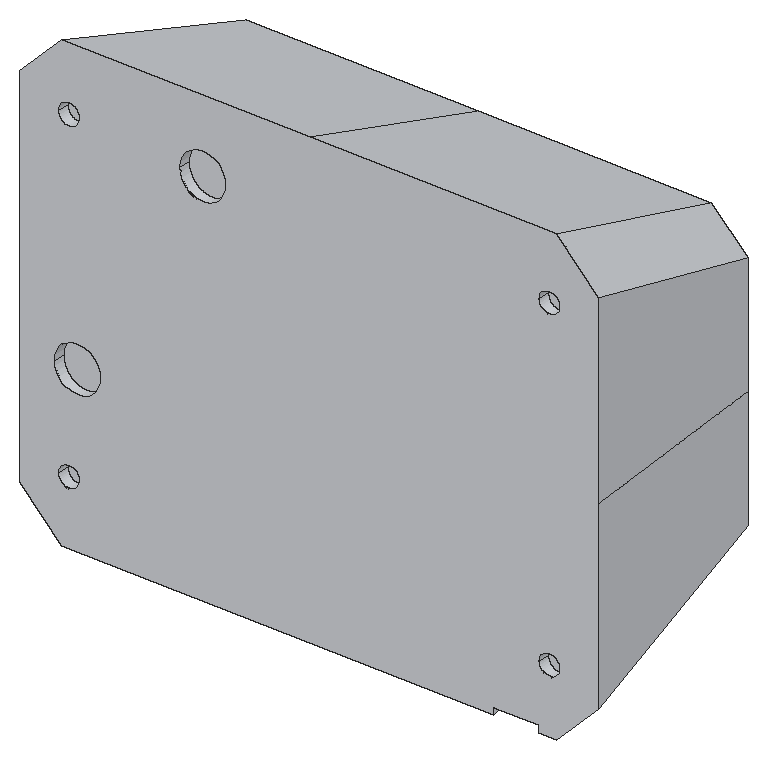
Revit family "AX9531_0012", category Appareils sanitaires, Revit 2016
Family settings
  Hôte = Mur
  Type d'élément = Normal
  Cote de connecteur circulaire = Utiliser le diamètre
  Numéro OmniClass = 23.75.00.00
  Titre OmniClass = Climate Control (HVAC)
  Toujours verticalement = Oui
  Couper avec des vides une fois chargée = Non
  Partagée = Non
  Point de calcul de pièce = Non
Parameters (values of type "Type 1")
  URL = "https://www.axeuro.com/fr/seche-mains-a-air-pulse/25483-seche-mains-ax9531.html"
  Type de produit / Type of product = "Sèche-mains / Hand dryer"  # constant formula
  Référence / Reference = "AX9531"  # constant formula
  Model = ""
  Manufacturer = ""
  Entreprise / Company = "Axeuro"  # constant formula
  Description = ""
Reference planes
  plane 1 "Mur": y = 0
  plane 2 "Centre (gauche/droite)": x = 0
  plane 3 "Arrière": y = 75
Forms (mm)
  Blend 1, solid
    base sketch origin (0, 75, 0) x (1, 0, 0) y (0, 0, 1)
      loop
        line (137.5, 1980.471) -> (137.5, 2067.961) -> (117.49, 2087.971) -> (0, 2087.971) -> (-117.49, 2087.971) -> (-137.5, 2067.961) -> (-137.5, 1980.471) -> (-137.5, 1892.981) -> (-117.49, 1872.971) -> (0, 1872.971) -> (117.49, 1872.971) -> (137.5, 1892.981) -> (137.5, 1980.471)
    top sketch origin (0, 75, 0) x (1, 0, 0) y (0, 0, 1)
      loop
        line (128, 1980.471) -> (128, 2037.425) -> (110.455, 2054.971) -> (0, 2054.971) -> (-110.455, 2054.971) -> (-128, 2037.425) -> (-128, 1980.471) -> (-128, 1923.516) -> (-110.455, 1905.971) -> (0, 1905.971) -> (110.455, 1905.971) -> (128, 1923.516) -> (128, 1980.471)
    from 0 to -100
  Extrusion 2, void
    sketch origin (0.019, 0, -0.605) x (1, 0, 0) y (0, 0, 1)
      loop
        circle (-114.028, 2058.075) r 5
    from -80.283 to -75
  Extrusion 3, void
    sketch origin (-0.019, 0, -0.605) x (-1, 0, 0) y (0, 0, -1)
      loop
        circle (-114.028, -2058.075) r 5
    from -80.283 to -75
  Extrusion 4, void
    sketch origin (0.019, 150, 3961.547) x (1, 0, 0) y (0, 0, -1)
      loop
        circle (-114.028, 2058.075) r 5
    from -75 to -69.717
  Extrusion 5, void
    sketch origin (-0.019, 0, 3961.547) x (-1, 0, 0) y (0, 0, -1)
      loop
        circle (-114.028, 2058.075) r 5
    from -80.283 to -75
  Extrusion 6, void
    sketch origin (49.298, 579.744, 50.272) x (1, 0, 0) y (0, 0.956305, 0.292372)
      loop
        arc (-44.713, 149.306) -> (-45.834, 148.842) -> (-46.298, 147.722) r 1.585
        line (-46.298, 147.722) -> (-46.298, 137.491)
        arc (-46.298, 137.491) -> (-45.834, 136.371) -> (-44.713, 135.906) r 1.585
        line (-44.713, 135.906) -> (-25.883, 135.906)
        arc (-25.883, 135.906) -> (-24.762, 136.371) -> (-24.298, 137.491) r 1.585
        line (-24.298, 137.491) -> (-24.298, 147.722)
        arc (-24.298, 147.722) -> (-24.762, 148.842) -> (-25.883, 149.306) r 1.585
        line (-25.883, 149.306) -> (-44.713, 149.306)
    from 1892.294 to 1893.982
  Extrusion 7, void
    sketch origin (18.685, 568.687, 34.69) x (1, 0, 0) y (0, 0.956426, 0.291973)
      loop
        line (-31.685, 141.37) -> (-31.685, 131.37) -> (-5.685, 131.37) -> (-5.685, 141.37) -> (-31.685, 141.37)
    from 1903.824 to 1905
  Extrusion 8, void
    sketch origin (-92.184, 535.349, 54.389) x (1, 0, 0) y (0, 0.956378, 0.29213)
      loop
        arc (55.785, 100.995) -> (57.785, 98.995) -> (59.785, 100.995) r 2
        line (59.785, 100.995) -> (59.785, 118.875)
        arc (59.785, 118.875) -> (57.785, 120.875) -> (55.785, 118.875) r 2
        line (55.785, 118.875) -> (55.785, 100.995)
    from 1873.734 to 1874.915
  Extrusion 9, void
    sketch origin (-83.584, 535.349, 54.389) x (1, 0, 0) y (0, 0.956378, 0.29213)
      loop
        arc (55.785, 100.995) -> (57.785, 98.995) -> (59.785, 100.995) r 2
        line (59.785, 100.995) -> (59.785, 118.875)
        arc (59.785, 118.875) -> (57.785, 120.875) -> (55.785, 118.875) r 2
        line (55.785, 118.875) -> (55.785, 100.995)
    from 1873.734 to 1874.915
  Extrusion 10, void
    sketch origin (-74.984, 535.349, 54.389) x (1, 0, 0) y (0, 0.956378, 0.29213)
      loop
        arc (55.785, 100.995) -> (57.785, 98.995) -> (59.785, 100.995) r 2
        line (59.785, 100.995) -> (59.785, 118.875)
        arc (59.785, 118.875) -> (57.785, 120.875) -> (55.785, 118.875) r 2
        line (55.785, 118.875) -> (55.785, 100.995)
    from 1873.734 to 1874.915
  Extrusion 11, void
    sketch origin (-66.384, 535.349, 54.389) x (1, 0, 0) y (0, 0.956378, 0.29213)
      loop
        arc (55.785, 100.995) -> (57.785, 98.995) -> (59.785, 100.995) r 2
        line (59.785, 100.995) -> (59.785, 118.875)
        arc (59.785, 118.875) -> (57.785, 120.875) -> (55.785, 118.875) r 2
        line (55.785, 118.875) -> (55.785, 100.995)
    from 1873.734 to 1874.915
  Extrusion 12, void
    sketch origin (-57.784, 535.349, 54.389) x (1, 0, 0) y (0, 0.956378, 0.29213)
      loop
        arc (55.785, 100.995) -> (57.785, 98.995) -> (59.785, 100.995) r 2
        line (59.785, 100.995) -> (59.785, 118.875)
        arc (59.785, 118.875) -> (57.785, 120.875) -> (55.785, 118.875) r 2
        line (55.785, 118.875) -> (55.785, 100.995)
    from 1873.734 to 1874.915
  Extrusion 13, void
    sketch origin (92.184, 535.349, 54.389) x (-1, 0, 0) y (0, -0.956378, -0.29213)
      loop
        line (55.785, -100.995) -> (55.785, -118.875)
        arc (55.785, -118.875) -> (57.785, -120.875) -> (59.785, -118.875) r 2
        line (59.785, -118.875) -> (59.785, -100.995)
        arc (59.785, -100.995) -> (57.785, -98.995) -> (55.785, -100.995) r 2
    from 1873.734 to 1874.915
  Extrusion 14, void
    sketch origin (83.584, 535.349, 54.389) x (-1, 0, 0) y (0, -0.956378, -0.29213)
      loop
        line (55.785, -100.995) -> (55.785, -118.875)
        arc (55.785, -118.875) -> (57.785, -120.875) -> (59.785, -118.875) r 2
        line (59.785, -118.875) -> (59.785, -100.995)
        arc (59.785, -100.995) -> (57.785, -98.995) -> (55.785, -100.995) r 2
    from 1873.734 to 1874.915
  Extrusion 15, void
    sketch origin (74.984, 535.349, 54.389) x (-1, 0, 0) y (0, -0.956378, -0.29213)
      loop
        line (55.785, -100.995) -> (55.785, -118.875)
        arc (55.785, -118.875) -> (57.785, -120.875) -> (59.785, -118.875) r 2
        line (59.785, -118.875) -> (59.785, -100.995)
        arc (59.785, -100.995) -> (57.785, -98.995) -> (55.785, -100.995) r 2
    from 1873.734 to 1874.915
  Extrusion 16, void
    sketch origin (66.384, 535.349, 54.389) x (-1, 0, 0) y (0, -0.956378, -0.29213)
      loop
        line (55.785, -100.995) -> (55.785, -118.875)
        arc (55.785, -118.875) -> (57.785, -120.875) -> (59.785, -118.875) r 2
        line (59.785, -118.875) -> (59.785, -100.995)
        arc (59.785, -100.995) -> (57.785, -98.995) -> (55.785, -100.995) r 2
    from 1873.734 to 1874.915
  Extrusion 17, void
    sketch origin (13.324, 549.011, 53.883) x (1, 0, 0) y (0, 0.956378, 0.29213)
      loop
        circle (-59.164, 97.017) r 1.5
    from 1878.209 to 1879.39
  Extrusion 18, void
    sketch origin (-13.324, 549.011, 53.883) x (-1, 0, 0) y (0, -0.956378, -0.29213)
      loop
        circle (-59.164, -97.017) r 1.5
    from 1878.209 to 1879.39
  Extrusion 19, void
    sketch origin (204.98, 550.423, 59.792) x (1, 0, 0) y (0, 0.956378, 0.29213)
      loop
        line (-117.49, 75) -> (-96.19, 75) -> (-96.19, 84.338)
        arc (-96.19, 84.338) -> (-106.84, 94.988) -> (-117.49, 84.338) r 10.65
        line (-117.49, 84.338) -> (-117.49, 75)
    from 1872.971 to 1876.036
  Extrusion 20, void
    sketch origin (-49.298, 579.744, 50.272) x (-1, 0, 0) y (0, -0.956305, -0.292372)
      loop
        line (-44.713, -149.306) -> (-25.883, -149.306)
        arc (-25.883, -149.306) -> (-24.762, -148.842) -> (-24.298, -147.722) r 1.585
        line (-24.298, -147.722) -> (-24.298, -137.491)
        arc (-24.298, -137.491) -> (-24.762, -136.371) -> (-25.883, -135.906) r 1.585
        line (-25.883, -135.906) -> (-44.713, -135.906)
        arc (-44.713, -135.906) -> (-45.834, -136.371) -> (-46.298, -137.491) r 1.585
        line (-46.298, -137.491) -> (-46.298, -147.722)
        arc (-46.298, -147.722) -> (-45.834, -148.842) -> (-44.713, -149.306) r 1.585
    from 1892.294 to 1893.982
  Extrusion 21, void
    sketch origin (23, 0, 0) x (1, 0, 0) y (0, 0, 1)
      loop
        circle (-73.5, 2053.47) r 11
    from -80.283 to -75
  Extrusion 22, void
    sketch origin (-36.509, 0, -102.998) x (1, 0, 0) y (0, 0, 1)
      loop
        circle (-73.5, 2053.47) r 11
    from -80.283 to -75
Cuts and joins
  Extrusion 2, Extrusion 3, Extrusion 4, Extrusion 5, Extrusion 6, Extrusion 7, Extrusion 8, Extrusion 9, Extrusion 10, Extrusion 11, Extrusion 12, Extrusion 13, Extrusion 14, Extrusion 15, Extrusion 16, Extrusion 17, Extrusion 18, Extrusion 19, Extrusion 20, Extrusion 21, Extrusion 22 cuts Blend 1
Lines and regions (mm)
  reference lines
    curve 1: line (-137.5, 75, 1892.961) -> (-117.51, 75, 1872.971)
    curve 2: line (117.49, 75, 0) -> (87.49, 75, 0)
Text (mm)
  text "Côté de la mise en place" at (-1820.995, 1116.779, 0), in view "Niveau de réf."
  text "Côté de la mise en place" at (0, 1334.055, 2976.191), in view "Gauche"
  text "Côté de la mise en place" at (0, 439.194, 2944.362), in view "Droite"
Dimensions and locks
  locked: plane 3 "Arrière" to host wall
  aligned and locked: plane 1 "Mur" to host wall
